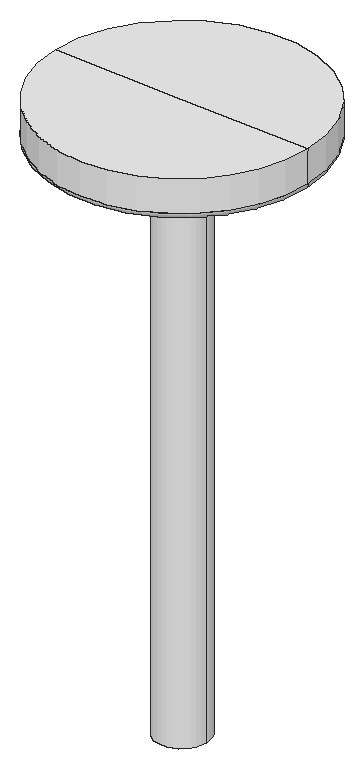
Revit family "Shower_Arm-GROHE-Rainshower-27217_Series", category Plumbing Fixtures, Revit 2014
Parameters (values of type "27217000")
  cUPC Compliant = yes
  Waste Connection = no
  Warranty Documentation Link = "https://cdn.cloud.grohe.com/tpi/1000/1900/1940/1949/1949006/original/1949006.pdf"
  WFU = 4  # constant formula
  Vent Connection = no
  URL = "https://www.grohe.us/"
  Tempered Connection Radius = Tempered Connection Diameter / 2  # 1/4"
  Tempered Connection Diameter = Hot Water Connection Diameter  # 1/2"
  Product Page URL = "https://www.grohe.us/en_us/rainshower-6-ceiling-shower-arm-27217000.html"
  Price = "Prices may vary. Please consult Manufacturer Representative for most up-to-date price list."  # constant formula
  Model = "27217000"
  Material = "Metal-Grohe-000-Chrome"
  Manufacturer = "Grohe"
  Installation Type = "Ceiling-Mount"  # constant formula
  Hot Water Connection Radius = Hot Water Connection Diameter / 2  # 1/4"
  Hot Water Connection Diameter = Cold Water Connection Diameter  # 1/2"
  Height = 5 3/4"  # constant formula
  HWFU = 3  # constant formula
  HW Connection = yes
  Flow Rate = "2.0 gpm (7.6 L/min)"
  Finish = Metal-Grohe-000-Chrome
  Description = "Rainshower®"  # constant formula
  Default Elevation = 0"
  Creation Date = "03/10/2017"  # constant formula
  Cold Water Connection Radius = Cold Water Connection Diameter / 2  # 1/4"
  Cold Water Connection Diameter = 1/2"  # constant formula
  CalGreen Compliant = yes
  CWFU = 3  # constant formula
  CW Connection = yes
  Assembly Code = "D2010710"
Types (3): name | Product Page URL | Model | Material | Finish
  (no name) | "https://www.grohe.us/en_us/rainshower-6-ceiling-shower-arm-27217000.html" | "27217000" | "Metal-Grohe-000-Chrome" | Metal-Grohe-000-Chrome
  27217000 | "https://www.grohe.us/en_us/rainshower-6-ceiling-shower-arm-27217000.html" | "27217000" | "Metal-Grohe-000-Chrome" | Metal-Grohe-000-Chrome
  27217EN0 | "https://www.grohe.us/en_us/rainshower-6-ceiling-shower-arm-27217EN0.html" | "27217EN0" | "Metal-Grohe-EN0-Brushed Nickel" | Metal-Grohe-EN0-Brushed Nickel
Reference planes (in)
  plane 1 "Center (Front/Back)": y = 0
  plane 2: z = 0
  plane 3 "Center (Left/Right)": x = 0
  plane 4: z = -5.75
  plane 5: x = -1.28125
  plane 6: x = 1.28125
  plane 7: z = -0.375
  plane 8: x = -0.25
  plane 9: x = 0.25
Forms (in)
  Revolve 1, solid, material "Metal-Grohe-000-Chrome" <- "Finish"
    sketch origin (0, 0, 0) x (1, 0, 0) y (0, 0, 1)
      loop
        line (-1.28125, 0) -> (-1.28125, -0.3153)
        arc (-1.28125, -0.3153) -> (-1.26377, -0.35752) -> (-1.22155, -0.375) r 0.0597
        line (-1.22155, -0.375) -> (-0.25, -0.375) -> (-0.25, -5.75) -> (0, -5.75) -> (0, 0) -> (-1.28125, 0)
      axis (0, 0) -> (0, -5.75)
    angle from 0 to 360
Lines and regions (in)
  Masking region 1
    outline origin (0, 0, 0) x (1, 0, 0) y (0, 1, 0)
      loop
        circle (0, 0) r 1.28125
Dimensions and locks (in)
  level to plane 4 = 5 3/4"
Connectors (in)
  piping at (0, 0, 0), diameter 0.5, driven by "Tempered Connection Diameter"
    settings: on Revolve 1, index 1, connector inside diameter 24", connector length 0", flow factor 0, pipe flow 0 GPM, pressure drop 0.00 psi, fitting loss kfactor 0, connector angle 0.00°, fixture units 0, engagement length 0", angle of deflection 0.00°, flow configuration 0, flow direction 1, fitting loss method 0, system type 29, joint type 0, gender type 0, connector reference index -1, connector utility 0, adjustable connector no, is connector primary yes, connector description "1/2\" NPT Supply Inlet"
